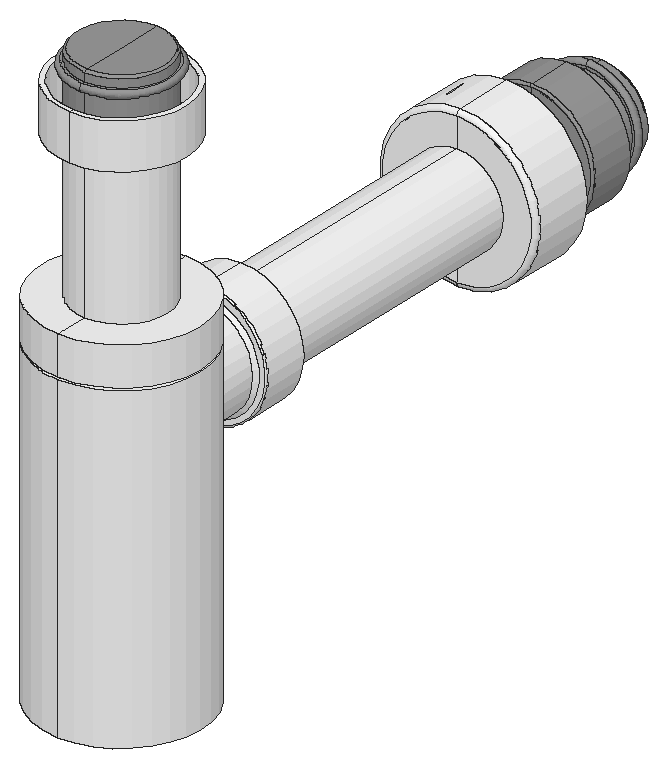
Revit family "Reece_Waste_Mizu_Drift_Bottle Trap_Removable Base", category Plumbing Fixtures, host Face, Revit 2018
Family settings
  Host = Face
  Round Connector Dimension = Use Diameter
  Part Type = Normal
  Cut with Voids When Loaded = Yes
  Shared = Yes
  Room Calculation Point = Yes
Parameters (values of type "Chrome")
  URL = "www.reece.com.au/product/-2261125"
  Type Comments = "Bottle Trap"
  Reece_Waste_Outlet = 40 mm  # constant formula
  Reece_Range_Vertical [instance] = if(Reece_Offset_Vertical > 110 mm, 110 mm, if(Reece_Offset_Vertical < 30 mm, 30 mm, Reece_Offset_Vertical))  # 80 mm
  Reece_Range_Horizontal [instance] = if(Reece_Offset_Horizontal > 300 mm, 300 mm, if(Reece_Offset_Horizontal < 90 mm, 90 mm, Reece_Offset_Horizontal))  # 200 mm
  Reece_Product_Web Page = "www.reece.com.au/product/-2261125"
  Reece_Product_Type = "Bottle Trap"  # constant formula
  Reece_Product_Sub Brand = "Drift"  # constant formula
  Reece_Product_Number = "2261125"
  Reece_Product_Mount = "Wall Mounted"
  Reece_Product_Description = "Mizu Drift Bottle Trap with Removable Base Chrome"
  Reece_Product_Brand = "Mizu"  # constant formula
  Reece_Overall_Width = 583.515 mm
  Reece_Overall_Length [instance] = 217 mm
  Reece_Overall_Height [instance] = 240 mm
  Reece_Offset_Vertical [instance] = 80 mm
  Reece_Offset_Horizontal [instance] = 200 mm
  Reece_Material_Secondary = Reece_Metal_Steel
  Reece_Material_Main = Reece_Brass_Chrome
  Reece_Detail_Shape = ""
  Reece_Detail_Installation = ""
  Reece_Detail_Disclaimer = "THIS FILE IS THE PROPERTY OF THE REECE GROUP. IT MAY NOT BE REPRODUCED, REVERSE-ENGINEERED OR MODIFIED. ANY REPUBLICATION, TRANSMISSION OR DISTRIBUTION FOR THE PURPOSE OF COMMERCIALLY EXPLOITING THE FILES IS PROHIBITED."  # constant formula
  Reece_Detail_Connector = ""
  Reece_Detail_Additional = "Removable Base"  # constant formula
  Model = "Drift"
  Manufacturer = "Mizu"
  Keynote = "Product #2261125, Reece_Waste_Mizu_Drift_Bottle Trap_Removable Base - Chrome"
  Disclaimer = "THIS FILE IS THE PROPERTY OF THE REECE GROUP. IT MAY NOT BE REPRODUCED, REVERSE-ENGINEERED OR MODIFIED. ANY REPUBLICATION, TRANSMISSION OR DISTRIBUTION FOR THE PURPOSE OF COMMERCIALLY EXPLOITING THE FILES IS PROHIBITED."  # constant formula
  Description = "Mizu Drift Bottle Trap with Removable Base Chrome"
  Default Elevation = 0 mm
Reference planes
  plane 1 "Center (Front/Back)": y = 0
  plane 2 "Top Host Plate": z = 0
  plane 3 "Center (Left/Right)": x = 0
  plane 4: x = -291.758
  plane 5: x = 291.758
  plane 6: y = 200
  plane 7: y = -19
  plane 8: y = 19
  plane 9: y = 250
  plane 10: x = -33
  plane 11: x = 33
  plane 12: y = 176
  plane 13: z = -230
  plane 14: z = -120.798
  plane 15: z = -80
Forms (mm)
  Revolve 1, solid, material "Reece_Metal_Steel" <- "Reece_Material_Secondary"
    sketch origin (0, 0, -240) x (0, 1, 0) y (0, 0, 1)
      loop
        line (0, 252.096) -> (0, 223) -> (19, 223) -> (19, 244.745) -> (20.19, 244.745)
        arc (20.19, 244.745) -> (21.654, 246.21) -> (20.19, 247.674) r 1.464
        line (20.19, 247.674) -> (19, 247.674) -> (19, 251.181) -> (18.085, 252.096) -> (0, 252.096)
      axis (0, 252.096) -> (0, 223)
    angle from 0 to 360
  Revolve 2, solid, material "Reece_Brass_Chrome" <- "Reece_Material_Main"
    sketch origin (0, 0, -240) x (0, 1, 0) y (0, 0, 1)
      loop
        line (27, 240) -> (25, 240) -> (25, 223) -> (0, 223) -> (0, 160) -> (19, 160) -> (19, 221) -> (27, 221) -> (27, 240)
      axis (0, 240) -> (0, 160)
    angle from 0 to 360
  Revolve 3, solid, material "Reece_Brass_Chrome" <- "Reece_Material_Main"
    sketch origin (0, 0, -257) x (0, 1, 0) y (0, 0, 1)
      loop
        line (0, 177) -> (0, 27) -> (27, 27) -> (27, 32) -> (28, 32) -> (28, 27) -> (33, 27) -> (33, 160) -> (19, 160) -> (19, 161) -> (33, 161) -> (33, 177) -> (0, 177)
      axis (0, 177) -> (0, 27)
    angle from 0 to 360
  Revolve 4, solid, material "Reece_Brass_Chrome" <- "Reece_Material_Main"
    sketch origin (0, 0, -257) x (0, 1, 0) y (0, 0, 1)
      loop
        line (22.777, 136.202) -> (176, 136.202) -> (176, 167.202) -> (200, 167.202) -> (200, 169.202) -> (176, 169.202)
        arc (176, 169.202) -> (174.586, 168.616) -> (174, 167.202) r 2
        line (174, 167.202) -> (174, 155.202) -> (62.006, 155.202) -> (62.006, 162.002) -> (43.553, 162.002)
        arc (43.553, 162.002) -> (43.166, 161.841) -> (43.006, 161.455) r 0.546
        line (43.006, 161.455) -> (43.006, 158.058) -> (42.35, 159.194) -> (40.857, 157.702) -> (22.777, 157.702) -> (22.777, 136.202)
      axis (22.777, 136.202) -> (200, 136.202)
    angle from 0 to 360
  Revolve 5, solid, material "Reece_Metal_Steel" <- "Reece_Material_Secondary"
    sketch origin (0, 0, -257) x (0, 1, 0) y (0, 0, 1)
      loop
        line (176, 155.202) -> (176, 136.202) -> (250, 136.202) -> (250, 154.286) -> (249.085, 155.202) -> (243.991, 155.202) -> (243.991, 156.391)
        arc (243.991, 156.391) -> (242.527, 157.856) -> (241.062, 156.391) r 1.464
        line (241.062, 156.391) -> (241.062, 155.202) -> (231.186, 155.202) -> (231.186, 162.202) -> (213.186, 162.202)
        arc (213.186, 162.202) -> (212.479, 161.909) -> (212.186, 161.202) r 1
        line (212.186, 161.202) -> (212.186, 155.202) -> (176, 155.202)
      axis (176, 136.202) -> (250, 136.202)
    angle from 0 to 360
  Extrusion 6, void
    sketch origin (0, 0, 0) x (1, 0, 0) y (0, 0, 1)
      loop
        arc (20, -230) -> (0, -225.876) -> (-20, -230) r 50.563
        line (-20, -230) -> (20, -230)
    from 2 to -2
Cuts and joins
  Extrusion 6 cuts Revolve 3
  Extrusion 6 cuts Revolve 4
  joined: Revolve 3, Revolve 4
Text (mm)
  text "Reece ©" at (2814.118, -2669.863, 2532.832), in view "Reece Preview"
  text "Remove this note when saving the family.\nPlease make sure that:\n- Unused reference planes are removed\n- Images or CAD references are removed\n- Unused Parameters are removed\n- All parameters where possible are defined and unchangeable\n- Make sure to use shared parameters only\n- Make sure to always follow the naming convention\n- Make sure to update the data information" at (1631.025, -1226.195, -1020.679), in view "Ref. Level"
  text "Reece ©" at (1631.025, -1085.127, -1020.679), in view "Ref. Level"
Dimensions and locks
  "Reece_Overall_Width": plane 4 to plane 5
  equal spacing: plane 4, plane 3 "Center (Left/Right)", plane 5
  locked: plane 2 "Top Host Plate" to level
  "Reece_Range_Horizontal": plane 1 "Center (Front/Back)" to plane 6
  plane 7 to plane 1 "Center (Front/Back)" to plane 8 = 19 mm locked, 19 mm locked
  "Reece_Range_Vertical": plane 2 "Top Host Plate" to plane 15
  locked: plane 15 to plane 13 at 150
  locked: plane 15 to plane 14 at 40.798
  locked: plane 12 to plane 6 at 24
  locked: Revolve 4 sketch curve to Revolve 4 sketch curve at 25.8
  locked: Revolve 4 sketch curve to Revolve 4 sketch curve at 33
  "Reece_Overall_Length": cut or joined group of Revolve 3, Revolve 4, Extrusion 6 to plane 9
  locked: plane 6 to plane 9 at 50
  aligned and locked: plane 13 to Revolve 3
  aligned and locked: plane 15 to Revolve 3
  aligned and locked: Revolve 5 to plane 9
  aligned and locked: plane 2 "Top Host Plate" to Revolve 2
  aligned and locked: plane 15 to Revolve 2
  aligned and locked: plane 6 to Revolve 4
Automatic sketch dimensions
  Revolve 1 sketch curve to plane 1 "Center (Front/Back)" = 0 mm  (x2)
  Revolve 1 sketch curve to plane 8 = 0 mm  (x2)
  Revolve 1 sketch curve to plane 8 = 0.915 mm
  plane 8 to Revolve 1 sketch curve = 1.19 mm
  Revolve 1 sketch curve to level = 17 mm
  level to Revolve 1 sketch curve = 4.745 mm
  Revolve 1 sketch curve to Revolve 1 sketch curve = 1.464 mm
  Revolve 1 sketch curve to Revolve 1 sketch curve = 3.507 mm
  level to Revolve 1 sketch curve = 12.096 mm
  Revolve 1 sketch curve to plane 13 = 26.656 mm
  Revolve 1 sketch curve to Revolve 1 sketch curve = 67.904 mm
  Revolve 2 sketch curve to plane 1 "Center (Front/Back)" = 0 mm  (x2)
  Revolve 2 sketch curve to plane 8 = 0 mm
  Revolve 2 sketch curve to level = 0 mm
  plane 8 to Revolve 2 sketch curve = 6 mm
  Revolve 2 sketch curve to Revolve 2 sketch curve = 2 mm  (x2)
  Revolve 2 sketch curve to Revolve 2 sketch curve = 17 mm
  plane 15 to Revolve 2 sketch curve = 0 mm
  Revolve 2 sketch curve to plane 13 = 26.656 mm
  level to Revolve 2 sketch curve = 80 mm
  Revolve 4 sketch curve to plane 1 "Center (Front/Back)" = 0 mm
  plane 14 to Revolve 4 sketch curve = 0 mm
  plane 9 to Revolve 4 sketch curve = 153.242 mm
  Revolve 5 sketch curve to plane 1 "Center (Front/Back)" = 0 mm
  Revolve 5 sketch curve to plane 12 = 0 mm
  Revolve 5 sketch curve to plane 9 = 0 mm
  plane 14 to Revolve 5 sketch curve = 0 mm
  Revolve 5 sketch curve to plane 14 = 0 mm
  Revolve 5 sketch curve to plane 6 = 12.186 mm
  Revolve 5 sketch curve to Revolve 5 sketch curve = 1 mm
  Revolve 5 sketch curve to Revolve 5 sketch curve = 18 mm
  Revolve 5 sketch curve to plane 9 = 8.938 mm
  Revolve 5 sketch curve to Revolve 5 sketch curve = 1.464 mm
  Revolve 5 sketch curve to plane 9 = 0.915 mm
  Revolve 5 sketch curve to Revolve 5 sketch curve = 1.19 mm  (x2)
  Revolve 5 sketch curve to Revolve 5 sketch curve = 153.242 mm
  Revolve 5 sketch curve to Revolve 5 sketch curve = 18.085 mm
  Revolve 5 sketch curve to Revolve 5 sketch curve = 0.915 mm
  Revolve 5 sketch curve to Revolve 5 sketch curve = 19 mm
  Revolve 5 sketch curve to Revolve 5 sketch curve = 6 mm
  Revolve 4 sketch curve to plane 14 = 0 mm
  Revolve 4 sketch curve to plane 12 = 0 mm  (x2)
  plane 6 to Revolve 4 sketch curve = 0 mm
  plane 8 to Revolve 4 sketch curve = 3.777 mm
  Revolve 4 sketch curve to Revolve 4 sketch curve = 18.081 mm
  Revolve 4 sketch curve to Revolve 4 sketch curve = 1.493 mm
  Revolve 4 sketch curve to Revolve 4 sketch curve = 0.656 mm
  Revolve 4 sketch curve to Revolve 4 sketch curve = 0.546 mm
  Revolve 4 sketch curve to Revolve 4 sketch curve = 18.454 mm
  plane 12 to Revolve 4 sketch curve = 2 mm
  plane 14 to Revolve 4 sketch curve = 19 mm
  Revolve 4 sketch curve to Revolve 4 sketch curve = 0.357 mm
  Revolve 4 sketch curve to Revolve 4 sketch curve = 1.136 mm
  Revolve 4 sketch curve to Revolve 4 sketch curve = 2.261 mm
  Revolve 4 sketch curve to Revolve 4 sketch curve = 0 mm
  plane 3 "Center (Left/Right)" to Extrusion 6 sketch curve = 0 mm
  Extrusion 6 sketch curve to plane 10 = 13 mm
  Extrusion 6 sketch curve to plane 13 = 0 mm
  Extrusion 6 sketch curve to plane 13 = 46.439 mm
  Revolve 3 sketch curve to plane 1 "Center (Front/Back)" = 0 mm  (x2)
  Revolve 3 sketch curve to plane 8 = 0 mm
  Revolve 3 sketch curve to plane 13 = 0 mm  (x2)
  Revolve 3 sketch curve to plane 15 = 0 mm
  plane 8 to Revolve 3 sketch curve = 9 mm
  Revolve 3 sketch curve to Revolve 3 sketch curve = 0 mm
  plane 13 to Revolve 3 sketch curve = 5 mm
  Revolve 3 sketch curve to plane 15 = 17 mm
  Revolve 3 sketch curve to Revolve 3 sketch curve = 1 mm  (x2)
  Revolve 3 sketch curve to Revolve 3 sketch curve = 43.656 mm
  level to Revolve 3 sketch curve = 63 mm
  plane 8 to Revolve 3 sketch curve = 14 mm
Connectors
  piping at (0, 0, 12.096), diameter 40, driven by "Reece_Waste_Outlet"
    settings: on Revolve 1, index 1, connector inside diameter 609.6 mm, connector length 0 mm, flow factor 0, pipe flow 0.0 L/s, pressure drop 0.0 Pa, fitting loss kfactor 0, connector angle 0.00°, fixture units 0, engagement length 0 mm, angle of deflection 0.00°, flow configuration 0, flow direction 1, fitting loss method 0, system type 29, joint type 0, gender type 0, connector reference index 2, connector utility 0, adjustable connector no, is connector primary yes, connector description ""
  piping at (0, 250, -120.798), diameter 40, driven by "Reece_Waste_Outlet"
    settings: on Revolve 5, index 2, connector inside diameter 609.6 mm, connector length 0 mm, flow factor 0, pipe flow 0.0 L/s, pressure drop 0.0 Pa, fitting loss kfactor 0, connector angle 0.00°, fixture units 0, engagement length 0 mm, angle of deflection 0.00°, flow configuration 0, flow direction 2, fitting loss method 0, system type 29, joint type 0, gender type 0, connector reference index 1, connector utility 0, adjustable connector no, is connector primary no, connector description ""
